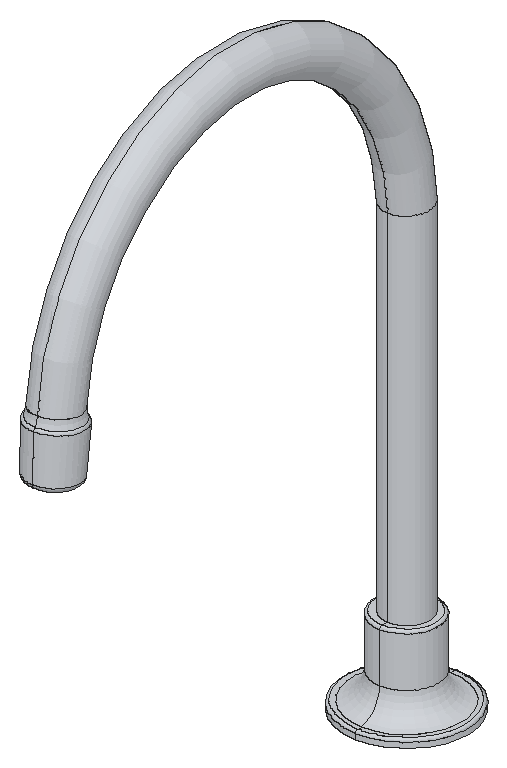
Revit family "II-BR07-11-BRAZO ARCO MÓVIL LAVAPLATOS", category Plumbing Fixtures, host Face, Revit 2018
Family settings
  Host = Face
  Round Connector Dimension = Use Diameter
  Part Type = Normal
  OmniClass Number = 23.31.11.00
  Cut with Voids When Loaded = No
  Shared = No
  Room Calculation Point = No
Parameters (values of type "II-BR07-11")
  Waste Water Outlet = ""
  Waste Connection = 1 = 0  # no
  Vent Connection = 1 = 0  # no
  URL = "https://www.gricol.com/"
  Type Image = FOTO BRAZO ARCO MÓVIL LAVAPLATOS.jpg
  Product Name = "BRAZO ARCO MÓVIL LAVAPLATOS"  # constant formula
  Plastico ABS Cromado = Metal Laton Cromado
  Model = "II-BR07-11"  # constant formula
  Manufacturer = "Gricol"  # constant formula
  Link Ficha Tecnica = "https://infotecnica.gricol.com/FT_II-BR07-11.pdf"
  HW Connection = 1 = 1  # yes
  Profundidad = 185.00 mm
  Description = "Brazo Griferia Cocina"  # constant formula
  Default Elevation = 0.00 mm
  Date Modified = ""
  Date Created = "05/28/2020"  # constant formula
  Copyright = "All rights reserved © Gricol - 2020."  # constant formula
  CW Connection = 1 = 1  # yes
  Assembly Code = ""
  Ancho = 54.00 mm
  Alto = 294.00 mm
Reference planes
  plane 1 "Center (Front/Back)": y = 0
  plane 2: z = 0
  plane 3 "Center (Left/Right)": x = 0
  plane 4: z = 294
  plane 5: y = -185
  plane 6: x = 27.043
  plane 7: x = -26.957
Dimensions and locks
  "Alto": plane 4 to level
  "Profundidad": plane 1 "Center (Front/Back)" to plane 5
  plane 4 to level = 294.00 mm
  plane 6 to plane 7 = 54.00 mm
  aligned and locked: plane 2 to host face
  aligned and locked: level to host face
Automatic sketch dimensions
  host sketch curve to host sketch curve = 221.455 mm
  host sketch curve to host sketch curve = 297.197 mm
Nested families
  nested 1: "00-BRAZO ARCO MÓVIL LAVAPLATOS " at (0, 0, 0), type "00-BRAZO ARCO MÓVIL LAVAPLATOS "
Connectors
  piping at (0, 0, 0), diameter 12.7
    settings: on nested 1, index 1, connector inside diameter 24", connector length 0.00 mm, flow factor 0, pipe flow 0 GPM, pressure drop 0.00 psi, fitting loss kfactor 0, connector angle 0.00°, fixture units 0, engagement length 0.00 mm, angle of deflection 0.00°, flow configuration 0, flow direction 0, fitting loss method 0, system type 7, joint type 0, gender type 0, connector reference index -1, connector utility 0, adjustable connector no, is connector primary yes, connector description ""
Definition of nested family "00-BRAZO ARCO MÓVIL LAVAPLATOS "
  Parameters (values of type "00-BRAZO ARCO MÓVIL LAVAPLATOS ")
    Metal Laton Cromado = none
    Material = none
  Reference planes
    plane 1 "Center (Front/Back)": y = 0
    plane 2: z = 0
    plane 3 "Center (Left/Right)": x = 0
    plane 4: z = 294
    plane 5: y = -185
    plane 6 "Manija 6": x = 67.12
    plane 7 "Manija 8": x = 53.74
    plane 8 "Manija 9": x = -25.018
    plane 9 "Manija 10": x = 24.982
    plane 10: y = 9.978
    plane 11: z = 200
    plane 12: z = -66.5
  Forms (mm)
    Sweep 1, solid, material <- "Metal Laton Cromado"
      path origin (0, 0, 78.34) x (0, -1, 0) y (0, 0, -1)
        loop
          arc (186.589, -118.939) -> (91.655, -205.847) -> (0, -115.488) r 93.433
          line (0, -115.488) -> (0, 43.34)
      profile origin (0, 0, 114.414) x (1, 0, 0) y (0, 1, 0)
        loop
          circle (0, 0) r 10
    Revolve 2, solid, material <- "Metal Laton Cromado"
      sketch origin (0, 1.504, -96.626) x (0, 0.999083, -0.042819) y (0, 0.042819, 0.999083)
        loop
          line (-200.306, 285.577) -> (-200.923, 262.666) -> (-193.804, 262.474) -> (-193.723, 263.783) -> (-192.113, 263.684) -> (-192.442, 258.362)
          arc (-192.442, 258.362) -> (-190.822, 258.66) -> (-190.009, 260.091) r 1.948
          line (-190.009, 260.091) -> (-188.781, 279.942)
          arc (-188.781, 279.942) -> (-188.929, 280.782) -> (-189.532, 281.386) r 1.419
          arc (-189.532, 281.386) -> (-190.002, 283.317) -> (-190.085, 285.302) r 10.11
          line (-190.085, 285.302) -> (-200.306, 285.577)
        axis (-200.306, 285.577) -> (-201.032, 258.594)
      angle from 0 to 360
    Revolve 3, solid, material <- "Metal Laton Cromado"
      sketch origin (0, 0, 0) x (0, 1, 0) y (0, 0, 1)
        loop
          line (0, 37.506) -> (-12.891, 37.506)
          arc (-12.891, 37.506) -> (-13.659, 37.187) -> (-13.977, 36.419) r 1.086
          line (-13.977, 36.419) -> (-13.977, 14.887)
          arc (-13.977, 14.887) -> (-16.829, 7.463) -> (-23.688, 3.437) r 12.038
          line (-23.688, 3.437) -> (-25.834, 3.437)
          arc (-25.834, 3.437) -> (-26.63, 3.108) -> (-26.96, 2.312) r 1.126
          line (-26.96, 2.312) -> (-26.96, 0) -> (0, 0) -> (0, 37.506)
        axis (0, 0) -> (0, 37.506)
      angle from 0 to 360
  Dimensions and locks
    level to plane 4 = 294.00 mm  (x2)
    plane 1 "Center (Front/Back)" to plane 5 = 185.00 mm  (x2)
    plane 4 to level = 294.00 mm
    plane 6 "Manija 6" to plane 3 "Center (Left/Right)" = 67.12 mm  (x2)
    plane 5 to plane 1 "Center (Front/Back)" = 185.00 mm
    plane 11 to level = 200.00 mm  (x2)
    plane 11 to plane 12 = 266.50 mm
    aligned and locked: plane 2 to level
